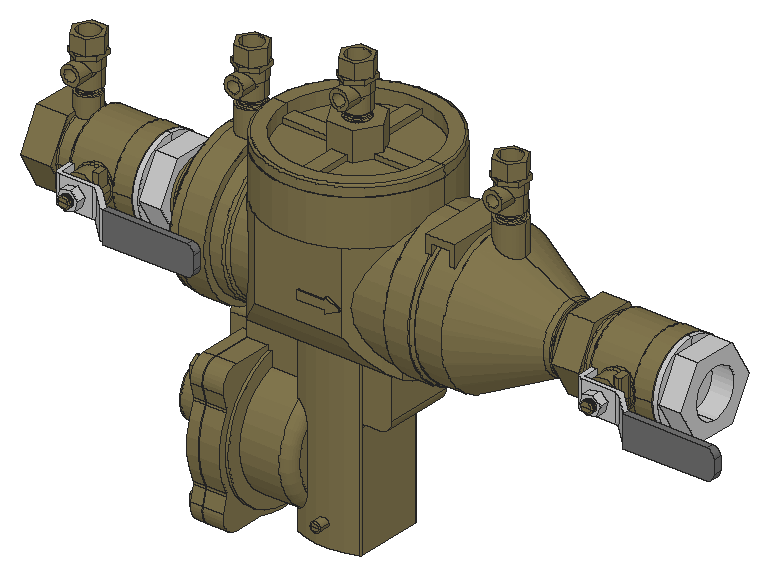
Revit family "FRP1.25-QT-LL 1.25in FRP", category Plumbing Fixtures, Revit 2018
Family settings
  Round Connector Dimension = Use Diameter
  Part Type = Normal
  Work Plane-Based = No
  Always vertical = Yes
  Cut with Voids When Loaded = No
  Shared = No
  Room Calculation Point = No
Parameters (values of type "FRP1.25-QT-LL 1.25in FRP")
  URL = "WWW.MIFAB.COM"
  Model = "FRP1.25-QT-LL 1.25in FRP"
  Manufacturer = "MIFAB"
  Description = "FRIENDLY REDUCED PRESSURE ZONE BACKFLOW 1/2” TO 2” -LL"
Reference planes (in)
  plane 1 "Center (Front/Back)": y = 0
  plane 2: z = 0
  plane 3 "Center (Left/Right)": x = 0
  plane 4: x = -2.105
  plane 5: z = 4.215
Forms (in)
  Revolve 1, solid, material "B Material"
    sketch origin (-1.59, 0, 3.15674) x (1, 0, 0) y (0, 0, 1)
      loop
        line (-4.5376, 4.275) -> (-4.22194, 4.275) -> (-4.22194, 4.78634) -> (-4.26872, 4.80245) -> (-4.30895, 4.83276) -> (-4.26595, 4.85963) -> (-4.30603, 4.88983) -> (-4.26683, 4.91068) -> (-4.26683, 4.94983)
        arc (-4.26683, 4.94983) -> (-4.26109, 4.96367) -> (-4.24724, 4.96941) r 0.01958
        line (-4.24724, 4.96941) -> (-4.20226, 4.96941) -> (-4.20226, 5.40248) -> (-4.5376, 5.40248) -> (-4.5376, 4.275)
      axis (-4.5376, 4.275) -> (-4.5376, 5.40248)
    angle from 0 to 360
  Extrusion 2, solid, material "B Material"
    sketch origin (-2.71084, -3.40993, -0.81418) x (0, -1, 0) y (1, 0, 0)
      loop
        line (-2.97692, -3.41676) -> (-3.19343, -3.04176) -> (-3.62644, -3.04176) -> (-3.84295, -3.41676) -> (-3.62644, -3.79176) -> (-3.19343, -3.79176) -> (-2.97692, -3.41676)
    from 9.64899 to 9.7671
  Extrusion 3, solid, material "B Material"
    sketch origin (-4.525, 0, 2.65879) x (1, 0, 0) y (0, 0, 1)
      loop
        circle (-1.598, 5.8905) r 0.16
      loop
        circle (-1.598, 5.8905) r 0.25
    from 0 to 0.6
  Revolve 4, solid, material "B Material"
    sketch origin (0.93299, 0, 0.25) x (1, 0, 0) y (0, 0, 1)
      loop
        line (5.88701, 6.3545) -> (-3.42499, 6.3545) -> (-3.42499, 4.46558)
        arc (-3.42499, 4.46558) -> (-3.41525, 4.44117) -> (-3.39138, 4.43016) r 0.03547
        line (-3.39138, 4.43016) -> (-3.18799, 4.4195) -> (-2.51799, 4.4195) -> (-2.51799, 4.59681) -> (-2.18879, 4.59681)
        arc (-2.18879, 4.59681) -> (-2.14596, 4.60613) -> (-2.11086, 4.63241) r 0.10309
        line (-2.11086, 4.63241) -> (-2.05692, 4.69468) -> (-1.5701, 4.69468) -> (0.32398, 4.69468) -> (0.32398, 4.5045) -> (2.10201, 4.5045) -> (2.18701, 4.4195) -> (2.79575, 4.4195)
        arc (2.79575, 4.4195) -> (2.81077, 4.42249) -> (2.82351, 4.431) r 0.03927
        line (2.82351, 4.431) -> (2.88445, 4.49194)
        arc (2.88445, 4.49194) -> (2.89836, 4.50124) -> (2.91478, 4.5045) r 0.04289
        line (2.91478, 4.5045) -> (3.59901, 4.5045) -> (5.46201, 5.4805) -> (5.63548, 5.48592) -> (5.66201, 5.50741) -> (5.66201, 5.54578) -> (5.70145, 5.52301) -> (5.74024, 5.59021) -> (5.7824, 5.52528) -> (5.82618, 5.59269) -> (5.86229, 5.52755) -> (5.88701, 5.54757) -> (5.88701, 6.3545)
      axis (-3.42499, 6.3545) -> (5.88701, 6.3545)
    angle from 0 to 360
  Revolve 5, solid, material "B Material"
    sketch origin (0.52094, 0, 2.95442) x (1, 0, 0) y (0, 0, 1)
      loop
        line (2.62181, 6.21908) -> (2.56191, 6.21908) -> (2.61506, 6.23332) -> (2.6112, 6.45411)
        arc (2.6112, 6.45411) -> (2.596, 6.4895) -> (2.56036, 6.50408) r 0.05085
        line (2.56036, 6.50408) -> (2.22181, 6.50408) -> (2.22181, 6.13408) -> (0.3661, 6.13408) -> (0.3661, 5.02437) -> (2.62181, 5.02437) -> (2.62181, 6.21908)
      axis (0.3661, 6.50408) -> (0.3661, 5.02437)
    angle from 0 to 360
  Extrusion 6, solid, material "B Material"
    sketch origin (-0.15214, -3.41032, 1.84939) x (0, -1, 0) y (1, 0, 0)
      loop
        arc (-1.56659, 0.8287) -> (-1.55469, 1.02175) -> (-1.56296, 1.215) r 1.85571
        line (-1.56296, 1.215) -> (-3.21737, 1.215) -> (-3.21737, 2.87511)
        arc (-3.21737, 2.87511) -> (-3.41068, 2.89489) -> (-3.60368, 2.87228) r 0.89068
        line (-3.60368, 2.87228) -> (-3.60368, 1.21434) -> (-5.25774, 1.21434)
        arc (-5.25774, 1.21434) -> (-5.26594, 1.02142) -> (-5.25405, 0.8287) r 1.85571
        line (-5.25405, 0.8287) -> (-3.60368, 0.8287) -> (-3.60368, -0.80642)
        arc (-3.60368, -0.80642) -> (-3.41053, -0.81653) -> (-3.21737, -0.80647) r 1.85571
        line (-3.21737, -0.80647) -> (-3.21737, 0.8287) -> (-1.56659, 0.8287)
    from 7.37052 to 7.23911
  Revolve 7, solid, material "B Material"
    sketch origin (-0.53327, 0, 2.6395) x (1, 0, 0) y (0, 0, 1)
      loop
        arc (-2.15973, 4.90142) -> (-2.1696, 4.87707) -> (-2.19364, 4.86644) r 0.035
        line (-2.19364, 4.86644) -> (-2.49612, 4.85699) -> (-2.55214, 4.80097) -> (-2.58603, 4.74226) -> (-2.62162, 4.78178) -> (-2.6524, 4.74666) -> (-2.682, 4.77953) -> (-2.71278, 4.7444) -> (-2.74238, 4.77727) -> (-2.77444, 4.73923) -> (-2.8069, 4.77528) -> (-2.85936, 4.71304) -> (-2.90562, 4.76441) -> (-2.94871, 4.71329) -> (-2.94871, 3.965) -> (-2.15654, 3.965) -> (-2.15654, 4.90142)
      axis (-2.94871, 3.965) -> (-2.15654, 3.965)
    angle from 0 to 360
  Extrusion 8, solid, material "B Material"
    sketch origin (2.385, 0, 3.609) x (1, 0, 0) y (0, 0, 1)
      loop
        arc (1.235, 4.223) -> (1.23886, 4.17689) -> (1.25032, 4.13206) r 0.27759
        arc (1.25032, 4.13206) -> (1.261, 4.1178) -> (1.27797, 4.11238) r 0.02927
        line (1.27797, 4.11238) -> (1.32914, 4.11238)
        arc (1.32914, 4.11238) -> (1.34656, 4.11795) -> (1.3575, 4.1326) r 0.02999
        arc (1.3575, 4.1326) -> (1.36712, 4.16798) -> (1.372, 4.20433) r 0.27759
        line (1.372, 4.20433) -> (1.372, 4.76148) -> (1.848, 4.76148) -> (1.848, 4.20433)
        arc (1.848, 4.20433) -> (1.85288, 4.16798) -> (1.8625, 4.1326) r 0.27759
        arc (1.8625, 4.1326) -> (1.87344, 4.11795) -> (1.89086, 4.11238) r 0.02999
        line (1.89086, 4.11238) -> (1.94611, 4.11238)
        arc (1.94611, 4.11238) -> (1.96081, 4.11771) -> (1.96865, 4.13124) r 0.02289
        arc (1.96865, 4.13124) -> (1.97323, 4.16056) -> (1.97652, 4.19006) r 0.6798
        arc (1.97652, 4.19006) -> (1.98288, 4.26287) -> (1.985, 4.33592) r 1.25932
        line (1.985, 4.33592) -> (1.985, 4.9505) -> (1.235, 4.9505) -> (1.235, 4.223)
    from -1.2 to 1.2
  Extrusion 9, solid, material "B Material"
    sketch origin (0, 0, 0) x (0, 1, 0) y (0, 0, 1)
      loop
        line (1.14998, 1.47142) -> (1.2937, 2.0078)
        arc (1.2937, 2.0078) -> (1.30008, 2.03987) -> (1.30222, 2.0725) r 0.25
        arc (1.30222, 2.0725) -> (1.25056, 2.22469) -> (1.11693, 2.31398) r 0.25
        line (1.11693, 2.31398) -> (0.58055, 2.4577)
        arc (0.58055, 2.4577) -> (0.45959, 2.51917) -> (0.33222, 2.56597) r 1.15
        arc (0.33222, 2.56597) -> (0.2283, 2.63974) -> (0.19004, 2.76132) r 0.2
        arc (0.19004, 2.76132) -> (0, 2.955) -> (-0.18996, 2.76132) r 0.19
        arc (-0.18996, 2.76132) -> (-0.2283, 2.63974) -> (-0.33222, 2.56597) r 0.2
        arc (-0.33222, 2.56597) -> (-0.45959, 2.51917) -> (-0.58055, 2.4577) r 1.15
        line (-0.58055, 2.4577) -> (-1.11693, 2.31398)
        arc (-1.11693, 2.31398) -> (-1.26873, 2.1975) -> (-1.2937, 2.0078) r 0.25
        line (-1.2937, 2.0078) -> (-1.14998, 1.47142)
        arc (-1.14998, 1.47142) -> (-0.99593, 0.89) -> (-0.56943, 0.46587) r 1.15
        line (-0.56943, 0.46587) -> (-0.17678, 0.07322)
        arc (-0.17678, 0.07322) -> (0, 0) -> (0.17678, 0.07322) r 0.25
        line (0.17678, 0.07322) -> (0.56943, 0.46587)
        arc (0.56943, 0.46587) -> (0.99593, 0.89) -> (1.14998, 1.47142) r 1.15
    from -1.989 to -1.699
  Extrusion 10, solid, material "B Material"
    sketch origin (-3.378, 0, 0) x (0, 1, 0) y (0, 0, -1)
      loop
        arc (1.14998, -1.47142) -> (0.99593, -0.89) -> (0.56943, -0.46587) r 1.15
        line (0.56943, -0.46587) -> (0.17678, -0.07322)
        arc (0.17678, -0.07322) -> (0, 0) -> (-0.17678, -0.07322) r 0.25
        line (-0.17678, -0.07322) -> (-0.56943, -0.46587)
        arc (-0.56943, -0.46587) -> (-0.99593, -0.89) -> (-1.14998, -1.47142) r 1.15
        line (-1.14998, -1.47142) -> (-1.2937, -2.0078)
        arc (-1.2937, -2.0078) -> (-1.26873, -2.1975) -> (-1.11693, -2.31398) r 0.25
        line (-1.11693, -2.31398) -> (-0.58055, -2.4577)
        arc (-0.58055, -2.4577) -> (-0.45959, -2.51917) -> (-0.33222, -2.56597) r 1.15
        arc (-0.33222, -2.56597) -> (-0.2283, -2.63974) -> (-0.18996, -2.76132) r 0.2
        arc (-0.18996, -2.76132) -> (0, -2.955) -> (0.19004, -2.76132) r 0.19
        arc (0.19004, -2.76132) -> (0.2283, -2.63974) -> (0.33222, -2.56597) r 0.2
        arc (0.33222, -2.56597) -> (0.45959, -2.51917) -> (0.58055, -2.4577) r 1.15
        line (0.58055, -2.4577) -> (1.11693, -2.31398)
        arc (1.11693, -2.31398) -> (1.25056, -2.22469) -> (1.30222, -2.0725) r 0.25
        arc (1.30222, -2.0725) -> (1.30008, -2.03987) -> (1.2937, -2.0078) r 0.25
        line (1.2937, -2.0078) -> (1.14998, -1.47142)
    from -1.98935 to -1.689
  Revolve 11, solid, material "B Material"
    sketch origin (0, 0, 0) x (1, 0, 0) y (0, 0, 1)
      loop
        line (-3.205, 2.0675) -> (-3.205, 1.39184)
        arc (-3.205, 1.39184) -> (-3.1906, 1.35665) -> (-3.15567, 1.34164) r 0.05021
        line (-3.15567, 1.34164) -> (-2.21487, 1.32522)
        arc (-2.21487, 1.32522) -> (-2.17955, 1.31004) -> (-2.165, 1.27447) r 0.05076
        line (-2.165, 1.27447) -> (-2.165, 0.48772)
        arc (-2.165, 0.48772) -> (-2.14998, 0.45147) -> (-2.11373, 0.43645) r 0.05127
        line (-2.11373, 0.43645) -> (-1.905, 0.43645) -> (-1.905, 2.0675) -> (-3.205, 2.0675)
      axis (-1.905, 2.0675) -> (-3.205, 2.0675)
    angle from 0 to 360
  Extrusion 12, solid, material "B Material"
    sketch origin (0, 0, 0) x (0, 1, 0) y (0, 0, 1)
      loop
        line (0.19, 2.33146) -> (0.19, 2.76414)
        arc (0.19, 2.76414) -> (0, 2.95414) -> (-0.19, 2.76414) r 0.19
        line (-0.19, 2.76414) -> (-0.19, 2.33175)
        arc (-0.19, 2.33175) -> (-0.18414, 2.31761) -> (-0.17, 2.31175) r 0.02
        line (-0.17, 2.31175) -> (0.17029, 2.31175)
        arc (0.17029, 2.31175) -> (0.18423, 2.31753) -> (0.19, 2.33146) r 0.01971
    from -2.214 to -1.989
  Extrusion 13, void
    sketch origin (0, 0, 0) x (1, 0, 0) y (0, 0, 1)
      loop
        line (-2.16498, 2.30688) -> (-2.22823, 2.37012) -> (-2.22823, 2.30688) -> (-2.16498, 2.30688)
    from -0.22141 to 0.2264
  Extrusion 14, solid, material "B Material"
    sketch origin (0, 0, 0) x (0, 1, 0) y (0, 0, 1)
      loop
        line (0.87239, 2.05794) -> (0.97491, 1.90948) -> (1.15475, 1.92404) -> (1.23205, 2.08706) -> (1.12953, 2.23552) -> (0.9497, 2.22096) -> (0.87239, 2.05794)
      loop
        line (-0.87562, 2.03557) -> (-0.93194, 2.20698) -> (-1.10854, 2.24391) -> (-1.22882, 2.10943) -> (-1.1725, 1.93802) -> (-0.9959, 1.90109) -> (-0.87562, 2.03557)
      loop
        line (0.18022, 0.24154) -> (0.09744, 0.40185) -> (-0.08279, 0.41031) -> (-0.18022, 0.25846) -> (-0.09744, 0.09815) -> (0.08279, 0.08969) -> (0.18022, 0.24154)
    from -2.105 to -1.989
  Revolve 15, solid, material "B Material"
    sketch origin (0, 1.05372, 0) x (1, 0, 0) y (0, 0, 1)
      loop
        line (-1.364, 2.07317) -> (-1.989, 2.07317) -> (-1.989, 1.97673) -> (-1.39602, 1.97673) -> (-1.364, 2.00875) -> (-1.364, 2.07317)
      axis (-1.989, 2.07317) -> (-1.364, 2.07317)
    angle from 0 to 360
  Revolve 16, solid, material "B Material"
    sketch origin (0, -1.05667, 0) x (1, 0, 0) y (0, 0, 1)
      loop
        line (-1.364, 2.07317) -> (-1.989, 2.07317) -> (-1.989, 1.97673) -> (-1.39602, 1.97673) -> (-1.364, 2.00875) -> (-1.364, 2.07317)
      axis (-1.989, 2.07317) -> (-1.364, 2.07317)
    angle from 0 to 360
  Revolve 17, solid, material "B Material"
    sketch origin (0, 0, -1.8224) x (1, 0, 0) y (0, 0, 1)
      loop
        line (-1.364, 2.07317) -> (-1.989, 2.07317) -> (-1.989, 1.97673) -> (-1.39602, 1.97673) -> (-1.364, 2.00875) -> (-1.364, 2.07317)
      axis (-1.989, 2.07317) -> (-1.364, 2.07317)
    angle from 0 to 360
  Revolve 18, solid, material "B Material"
    sketch origin (4.23795, 0, -0.62357) x (1, 0, 0) y (0, 0, 1)
      loop
        line (-5.19295, 4.25641) -> (-5.19295, 4.61107) -> (-5.29295, 4.61107) -> (-5.29295, 2.69107) -> (-3.85779, 2.69107) -> (-3.85779, 3.95888)
        arc (-3.85779, 3.95888) -> (-3.94494, 4.16927) -> (-4.15533, 4.25641) r 0.29753
        line (-4.15533, 4.25641) -> (-5.19295, 4.25641)
      axis (-3.85779, 2.69107) -> (-5.29295, 2.69107)
    angle from 0 to 360
  Extrusion 19, solid, material "B Material"
    sketch origin (4.23795, 0, -0.62357) x (1, 0, 0) y (0, 0, 1)
      loop
        line (-1.75795, 5.3787) -> (-2.54295, 5.3787) -> (-2.54295, 3.83307)
        arc (-2.54295, 3.83307) -> (-2.51366, 3.90378) -> (-2.44295, 3.93307) r 0.1
        line (-2.44295, 3.93307) -> (-2.07155, 3.93307)
        arc (-2.07155, 3.93307) -> (-1.8498, 4.02492) -> (-1.75795, 4.24667) r 0.3136
        line (-1.75795, 4.24667) -> (-1.75795, 5.3787)
    from -0.87239 to 0.87562
  Revolve 20, solid, material "B Material"
    sketch origin (-13.39364, -0.28125, 0.80481) x (1, 0, 0) y (0, 1, 0)
      loop
        line (14.25427, -1.09549) -> (14.35827, -1.09549)
        arc (14.35827, -1.09549) -> (14.37312, -1.08934) -> (14.37927, -1.07449) r 0.021
        line (14.37927, -1.07449) -> (14.37927, -0.79317) -> (14.25427, -0.79317) -> (14.25427, -1.09549)
      loop
        line (14.25427, 1.64201) -> (14.25427, 1.33969) -> (14.37927, 1.33969) -> (14.37927, 1.621)
        arc (14.37927, 1.621) -> (14.37312, 1.63586) -> (14.35827, 1.64201) r 0.021
        line (14.35827, 1.64201) -> (14.25427, 1.64201)
      axis (14.25427, 1.64201) -> (14.25427, -1.09549)
    angle from 0 to 360
  Extrusion 21, solid, material "B Material"
    sketch origin (4.23795, 0, -0.62357) x (1, 0, 0) y (0, 0, 1)
      loop
        line (-4.19296, 4.17214) -> (-4.19296, 5.22272) -> (-5.36189, 5.22272) -> (-5.36189, 5.63619) -> (-5.39578, 5.63619) -> (-5.47111, 5.54953)
        arc (-5.47111, 5.54953) -> (-5.48452, 5.53951) -> (-5.50088, 5.53596) r 0.03944
        line (-5.50088, 5.53596) -> (-5.84295, 5.53596) -> (-5.84295, 4.63107) -> (-5.29295, 4.63107) -> (-5.29295, 4.17214) -> (-4.19296, 4.17214)
    from -0.5 to 0.50553
  Revolve 22, solid, material "B Material"
    sketch origin (-1.59, 0, 3.15674) x (1, 0, 0) y (0, 0, 1)
      loop
        line (-4.5376, 5.40248) -> (-4.18257, 5.40248) -> (-4.18257, 5.67807) -> (-4.5376, 5.67807) -> (-4.5376, 5.40248)
      axis (-4.5376, 5.40248) -> (-4.5376, 5.67807)
    angle from 0 to 360
  Extrusion 23, solid, material "B Material"
    sketch origin (-2.71084, -3.40993, -0.81418) x (0, -1, 0) y (1, 0, 0)
      loop
        line (-3.40993, -3.00627) -> (-3.76521, -3.21139) -> (-3.76521, -3.62163) -> (-3.40993, -3.82676) -> (-3.05465, -3.62163) -> (-3.05465, -3.21139) -> (-3.40993, -3.00627)
      loop
        circle (-3.40993, -3.41651) r 0.28174
    from 9.7671 to 10.17262
  Revolve 24, solid, material "B Material"
    sketch origin (2.66736, 0, 4.38716) x (1, 0, 0) y (0, 0, 1)
      loop
        line (-4.5376, 3.86507) -> (-4.17034, 3.86507) -> (-4.17034, 4.78634) -> (-4.22194, 4.78634) -> (-4.26872, 4.80245) -> (-4.30895, 4.83276) -> (-4.26595, 4.85963) -> (-4.30603, 4.88983) -> (-4.26683, 4.91068) -> (-4.26683, 4.94983)
        arc (-4.26683, 4.94983) -> (-4.26109, 4.96367) -> (-4.24724, 4.96941) r 0.01958
        line (-4.24724, 4.96941) -> (-4.20226, 4.96941) -> (-4.20226, 5.40248) -> (-4.5376, 5.40248) -> (-4.5376, 3.86507)
      axis (-4.5376, 3.86507) -> (-4.5376, 5.40248)
    angle from 0 to 360
  Extrusion 25, solid, material "B Material"
    sketch origin (1.54651, -3.40993, 0.41624) x (0, -1, 0) y (1, 0, 0)
      loop
        line (-2.97692, -3.41676) -> (-3.19343, -3.04176) -> (-3.62644, -3.04176) -> (-3.84295, -3.41676) -> (-3.62644, -3.79176) -> (-3.19343, -3.79176) -> (-2.97692, -3.41676)
    from 9.64899 to 9.7671
  Extrusion 26, solid, material "B Material"
    sketch origin (-0.26764, 0, 3.88921) x (1, 0, 0) y (0, 0, 1)
      loop
        circle (-1.598, 5.8905) r 0.16
      loop
        circle (-1.598, 5.8905) r 0.25
    from 0 to 0.6
  Revolve 27, solid, material "B Material"
    sketch origin (2.66736, 0, 4.38716) x (1, 0, 0) y (0, 0, 1)
      loop
        line (-4.5376, 5.40248) -> (-4.18257, 5.40248) -> (-4.18257, 5.67807) -> (-4.5376, 5.67807) -> (-4.5376, 5.40248)
      axis (-4.5376, 5.40248) -> (-4.5376, 5.67807)
    angle from 0 to 360
  Extrusion 28, solid, material "B Material"
    sketch origin (1.54651, -3.40993, 0.41624) x (0, -1, 0) y (1, 0, 0)
      loop
        line (-3.40993, -3.00627) -> (-3.76521, -3.21139) -> (-3.76521, -3.62163) -> (-3.40993, -3.82676) -> (-3.05465, -3.62163) -> (-3.05465, -3.21139) -> (-3.40993, -3.00627)
      loop
        circle (-3.40993, -3.41651) r 0.28
    from 9.7671 to 10.17262
  Revolve 29, solid, material "B Material"
    sketch origin (5.41361, 0, 5.05216) x (1, 0, 0) y (0, 0, 1)
      loop
        line (-4.5376, 4.275) -> (-4.22194, 4.275) -> (-4.22194, 4.78634) -> (-4.26872, 4.80245) -> (-4.30895, 4.83276) -> (-4.26595, 4.85963) -> (-4.30603, 4.88983) -> (-4.26683, 4.91068) -> (-4.26683, 4.94983)
        arc (-4.26683, 4.94983) -> (-4.26109, 4.96367) -> (-4.24724, 4.96941) r 0.01958
        line (-4.24724, 4.96941) -> (-4.20226, 4.96941) -> (-4.20226, 5.40248) -> (-4.5376, 5.40248) -> (-4.5376, 4.275)
      axis (-4.5376, 4.275) -> (-4.5376, 5.40248)
    angle from 0 to 360
  Extrusion 30, solid, material "B Material"
    sketch origin (4.29276, -3.40993, 1.08124) x (0, -1, 0) y (1, 0, 0)
      loop
        line (-2.97692, -3.41676) -> (-3.19343, -3.04176) -> (-3.62644, -3.04176) -> (-3.84295, -3.41676) -> (-3.62644, -3.79176) -> (-3.19343, -3.79176) -> (-2.97692, -3.41676)
    from 9.64899 to 9.7671
  Extrusion 31, solid, material "B Material"
    sketch origin (2.47861, 0, 4.55421) x (1, 0, 0) y (0, 0, 1)
      loop
        circle (-1.598, 5.8905) r 0.16
      loop
        circle (-1.598, 5.8905) r 0.25
    from 0 to 0.6
  Revolve 32, solid, material "B Material"
    sketch origin (5.41361, 0, 5.05216) x (1, 0, 0) y (0, 0, 1)
      loop
        line (-4.5376, 5.40248) -> (-4.18257, 5.40248) -> (-4.18257, 5.67807) -> (-4.5376, 5.67807) -> (-4.5376, 5.40248)
      axis (-4.5376, 5.40248) -> (-4.5376, 5.67807)
    angle from 0 to 360
  Extrusion 33, solid, material "B Material"
    sketch origin (4.29276, -3.40993, 1.08124) x (0, -1, 0) y (1, 0, 0)
      loop
        line (-3.40993, -3.00627) -> (-3.76521, -3.21139) -> (-3.76521, -3.62163) -> (-3.40993, -3.82676) -> (-3.05465, -3.62163) -> (-3.05465, -3.21139) -> (-3.40993, -3.00627)
      loop
        circle (-3.40993, -3.41651) r 0.28
    from 9.7671 to 10.17262
  Revolve 34, solid, material "B Material"
    sketch origin (9.40736, 0, 4.09216) x (1, 0, 0) y (0, 0, 1)
      loop
        line (-4.5376, 3.95036) -> (-4.14286, 3.95036) -> (-4.14286, 4.78634) -> (-4.22194, 4.78634) -> (-4.26872, 4.80245) -> (-4.30895, 4.83276) -> (-4.26595, 4.85963) -> (-4.30603, 4.88983) -> (-4.26683, 4.91068) -> (-4.26683, 4.94983)
        arc (-4.26683, 4.94983) -> (-4.26109, 4.96367) -> (-4.24724, 4.96941) r 0.01958
        line (-4.24724, 4.96941) -> (-4.20226, 4.96941) -> (-4.20226, 5.40248) -> (-4.5376, 5.40248) -> (-4.5376, 3.95036)
      axis (-4.5376, 3.95036) -> (-4.5376, 5.40248)
    angle from 0 to 360
  Extrusion 35, solid, material "B Material"
    sketch origin (8.28651, -3.40993, 0.12124) x (0, -1, 0) y (1, 0, 0)
      loop
        line (-2.97692, -3.41676) -> (-3.19343, -3.04176) -> (-3.62644, -3.04176) -> (-3.84295, -3.41676) -> (-3.62644, -3.79176) -> (-3.19343, -3.79176) -> (-2.97692, -3.41676)
    from 9.64899 to 9.7671
  Extrusion 36, solid, material "B Material"
    sketch origin (6.47236, 0, 3.59421) x (1, 0, 0) y (0, 0, 1)
      loop
        circle (-1.598, 5.8905) r 0.16
      loop
        circle (-1.598, 5.8905) r 0.25
    from 0 to 0.6
  Revolve 37, solid, material "B Material"
    sketch origin (9.40736, 0, 4.09216) x (1, 0, 0) y (0, 0, 1)
      loop
        line (-4.5376, 5.40248) -> (-4.18257, 5.40248) -> (-4.18257, 5.67807) -> (-4.5376, 5.67807) -> (-4.5376, 5.40248)
      axis (-4.5376, 5.40248) -> (-4.5376, 5.67807)
    angle from 0 to 360
  Extrusion 38, solid, material "B Material"
    sketch origin (8.28651, -3.40993, 0.12124) x (0, -1, 0) y (1, 0, 0)
      loop
        line (-3.40993, -3.00627) -> (-3.76521, -3.21139) -> (-3.76521, -3.62163) -> (-3.40993, -3.82676) -> (-3.05465, -3.62163) -> (-3.05465, -3.21139) -> (-3.40993, -3.00627)
      loop
        circle (-3.40993, -3.41651) r 0.28
    from 9.7671 to 10.17262
  Extrusion 39, solid, material "B Material"
    sketch origin (0, -19.93445, -5.43334) x (1, 0, 0) y (0, 1, 0)
      loop
        line (0.20204, 19.93445) -> (0.53988, 19.34931) -> (1.21554, 19.34931) -> (1.55337, 19.93445) -> (1.21554, 20.51959) -> (0.53988, 20.51959) -> (0.20204, 19.93445)
    from 14.52184 to 15.27184
  Extrusion 40, solid, material "B Material"
    sketch origin (-7.80113, 19.47483, 0) x (0, -1, 0) y (0, 0, 1)
      loop
        line (19.42249, 4.0075) -> (17.96548, 4.0075)
        arc (17.96548, 4.0075) -> (17.61878, 3.83653) -> (17.54336, 3.45739) r 0.43701
        line (17.54336, 3.45739) -> (17.64321, 3.08473)
        arc (17.64321, 3.08473) -> (17.64606, 3.04829) -> (17.63561, 3.01326) r 0.09994
        arc (17.63561, 3.01326) -> (17.40723, 2.06674) -> (17.6363, 1.12038) r 2.0725
        arc (17.6363, 1.12038) -> (17.64635, 1.08678) -> (17.64363, 1.05181) r 0.0958
        line (17.64363, 1.05181) -> (17.54373, 0.67898)
        arc (17.54373, 0.67898) -> (17.61933, 0.2989) -> (17.96689, 0.1275) r 0.43809
        line (17.96689, 0.1275) -> (18.7473, 0.1275)
        arc (18.7473, 0.1275) -> (19.47973, -0.005) -> (20.21216, 0.1275) r 2.09061
        line (20.21216, 0.1275) -> (20.99257, 0.1275)
        arc (20.99257, 0.1275) -> (21.34013, 0.2989) -> (21.41573, 0.67898) r 0.43809
        line (21.41573, 0.67898) -> (21.31583, 1.05181)
        arc (21.31583, 1.05181) -> (21.31311, 1.08678) -> (21.32316, 1.12038) r 0.0958
        arc (21.32316, 1.12038) -> (21.55223, 2.06674) -> (21.32385, 3.01326) r 2.0725
        arc (21.32385, 3.01326) -> (21.3134, 3.04829) -> (21.31625, 3.08473) r 0.09994
        line (21.31625, 3.08473) -> (21.4161, 3.45739)
        arc (21.4161, 3.45739) -> (21.34069, 3.83653) -> (20.99399, 4.0075) r 0.43701
        line (20.99399, 4.0075) -> (19.42249, 4.0075)
    from -6.19613 to -5.89613
  Extrusion 41, solid, material "B Material"
    sketch origin (-7.80113, 19.42249, 0) x (0, -1, 0) y (0, 0, 1)
      loop
        line (21.17249, 3.71684) -> (20.92249, 3.86118) -> (20.67249, 3.71684) -> (20.67249, 3.42816) -> (20.92249, 3.28382) -> (21.17249, 3.42816) -> (21.17249, 3.71684)
      loop
        line (21.17249, 0.71684) -> (20.92249, 0.86118) -> (20.67249, 0.71684) -> (20.67249, 0.42816) -> (20.92249, 0.28382) -> (21.17249, 0.42816) -> (21.17249, 0.71684)
      loop
        line (18.17249, 0.71684) -> (17.92249, 0.86118) -> (17.67249, 0.71684) -> (17.67249, 0.42816) -> (17.92249, 0.28382) -> (18.17249, 0.42816) -> (18.17249, 0.71684)
      loop
        line (18.1574, 3.71723) -> (17.9074, 3.86157) -> (17.6574, 3.71723) -> (17.6574, 3.42856) -> (17.9074, 3.28422) -> (18.1574, 3.42856) -> (18.1574, 3.71723)
    from -5.89613 to -5.69613
  Extrusion 42, solid, material "B Material"
    sketch origin (4.59113, 19.47483, 0) x (0, -1, 0) y (0, 0, -1)
      loop
        line (19.42249, -4.0075) -> (20.99399, -4.0075)
        arc (20.99399, -4.0075) -> (21.34069, -3.83653) -> (21.4161, -3.45739) r 0.43701
        line (21.4161, -3.45739) -> (21.31625, -3.08473)
        arc (21.31625, -3.08473) -> (21.3134, -3.04829) -> (21.32385, -3.01326) r 0.09994
        arc (21.32385, -3.01326) -> (21.55223, -2.06674) -> (21.32316, -1.12038) r 2.0725
        arc (21.32316, -1.12038) -> (21.31311, -1.08678) -> (21.31583, -1.05181) r 0.0958
        line (21.31583, -1.05181) -> (21.41573, -0.67898)
        arc (21.41573, -0.67898) -> (21.34013, -0.2989) -> (20.99257, -0.1275) r 0.43809
        line (20.99257, -0.1275) -> (20.21216, -0.1275)
        arc (20.21216, -0.1275) -> (19.47973, 0.005) -> (18.7473, -0.1275) r 2.09061
        line (18.7473, -0.1275) -> (17.96689, -0.1275)
        arc (17.96689, -0.1275) -> (17.61933, -0.2989) -> (17.54373, -0.67898) r 0.43809
        line (17.54373, -0.67898) -> (17.64363, -1.05181)
        arc (17.64363, -1.05181) -> (17.64635, -1.08678) -> (17.6363, -1.12038) r 0.0958
        arc (17.6363, -1.12038) -> (17.40723, -2.06674) -> (17.63561, -3.01326) r 2.0725
        arc (17.63561, -3.01326) -> (17.64606, -3.04829) -> (17.64321, -3.08473) r 0.09994
        line (17.64321, -3.08473) -> (17.54336, -3.45739)
        arc (17.54336, -3.45739) -> (17.61878, -3.83653) -> (17.96548, -4.0075) r 0.43701
        line (17.96548, -4.0075) -> (19.42249, -4.0075)
    from -6.19613 to -5.64613
  Extrusion 43, solid, material "B Material"
    sketch origin (0, 0, 0) x (0, 1, 0) y (0, 0, 1)
      loop
        line (1.95, 5.90019) -> (1.95, 7.9788) -> (-1.95, 7.9788) -> (-1.95, 5.90019)
        arc (-1.95, 5.90019) -> (-1.21919, 4.93045) -> (-0.07085, 4.53571) r 2.075
        arc (-0.07085, 4.53571) -> (1.16114, 4.8898) -> (1.95, 5.90019) r 2.075
    from -1.12393 to 2.88999
  Extrusion 44, void
    sketch origin (0, 0, 0) x (1, 0, 0) y (0, 1, 0)
      loop
        circle (0.88704, 0) r 2.25571
      loop
        line (-1.71316, 3.18776) -> (-1.71316, -2.81224) -> (3.53684, -2.81224) -> (3.53684, 3.18776) -> (-1.71316, 3.18776)
    from 4.41339 to 12
  Extrusion 45, solid, material "B Material"
    sketch origin (0, 0, 0) x (0, 1, 0) y (0, 0, 1)
      loop
        line (1.39979, 7.41767) -> (0, 8.22584) -> (-1.39979, 7.41767) -> (-1.39979, 5.80133) -> (0, 4.99316) -> (1.39979, 5.80133) -> (1.39979, 7.41767)
    from -2.492 to -2.68981
  Extrusion 46, solid, material "B Material"
    sketch origin (0, -6.32122, -2.32671) x (0, -1, 0) y (1, 0, 0)
      loop
        arc (-5.40721, 1.66561) -> (-5.42599, 1.68703) -> (-5.45333, 1.695) r 0.05088
        line (-5.45333, 1.695) -> (-7.18904, 1.695)
        arc (-7.18904, 1.695) -> (-7.21643, 1.68701) -> (-7.23524, 1.66556) r 0.05097
        arc (-7.23524, 1.66556) -> (-7.41372, 0.85986) -> (-7.23513, 0.0542) r 1.90722
        arc (-7.23513, 0.0542) -> (-7.21647, 0.03292) -> (-7.18931, 0.025) r 0.05056
        line (-7.18931, 0.025) -> (-5.45419, 0.025)
        arc (-5.45419, 0.025) -> (-5.42611, 0.03319) -> (-5.40684, 0.05519) r 0.05223
        arc (-5.40684, 0.05519) -> (-5.22872, 0.86044) -> (-5.40721, 1.66561) r 1.90722
      loop
        line (-5.57506, 1.46) -> (-7.06737, 1.46)
        arc (-7.06737, 1.46) -> (-7.17866, 0.87335) -> (-7.07675, 0.285) r 1.67222
        line (-7.07675, 0.285) -> (-5.56568, 0.285)
        arc (-5.56568, 0.285) -> (-5.46377, 0.87335) -> (-5.57506, 1.46) r 1.67222
    from 2.56121 to 7.57671
  Extrusion 47, solid, material "B Material"
    sketch origin (0, 0, 0) x (0, 1, 0) y (0, 0, 1)
      loop
        line (-0.25, 4.2725) -> (-0.25, 3.68408)
        arc (-0.25, 3.68408) -> (0, 3.70336) -> (0.25, 3.68408) r 1.63086
        line (0.25, 3.68408) -> (0.25, 4.2725)
        arc (0.25, 4.2725) -> (0, 4.5225) -> (-0.25, 4.2725) r 0.25
    from -2.219 to -1.585
  Extrusion 48, solid, material "B Material"
    sketch origin (0.57425, 0, 2.5195) x (1, 0, 0) y (0, 0, 1)
      loop
        line (1.0565, 4.125) -> (0.3515, 4.125)
        arc (0.3515, 4.125) -> (0.33736, 4.11914) -> (0.3315, 4.105) r 0.02
        line (0.3315, 4.105) -> (0.3315, 3.925)
        arc (0.3315, 3.925) -> (0.33736, 3.91086) -> (0.3515, 3.905) r 0.02
        line (0.3515, 3.905) -> (1.0565, 3.905) -> (1.0565, 3.84323)
        arc (1.0565, 3.84323) -> (1.06585, 3.82646) -> (1.08505, 3.82559) r 0.01972
        line (1.08505, 3.82559) -> (1.42792, 3.99703)
        arc (1.42792, 3.99703) -> (1.43903, 4.015) -> (1.42792, 4.03297) r 0.02009
        line (1.42792, 4.03297) -> (1.08561, 4.20412)
        arc (1.08561, 4.20412) -> (1.06604, 4.20324) -> (1.0565, 4.18613) r 0.02011
        line (1.0565, 4.18613) -> (1.0565, 4.125)
    from 2.00621 to 1.95
  Extrusion 49, solid, material "B Material"
    sketch origin (0.57425, 0, 2.5195) x (1, 0, 0) y (0, 0, -1)
      loop
        line (1.0565, -4.125) -> (1.0565, -4.18613)
        arc (1.0565, -4.18613) -> (1.06604, -4.20324) -> (1.08561, -4.20412) r 0.02011
        line (1.08561, -4.20412) -> (1.42792, -4.03297)
        arc (1.42792, -4.03297) -> (1.43903, -4.015) -> (1.42792, -3.99703) r 0.02009
        line (1.42792, -3.99703) -> (1.08505, -3.82559)
        arc (1.08505, -3.82559) -> (1.06585, -3.82646) -> (1.0565, -3.84323) r 0.01972
        line (1.0565, -3.84323) -> (1.0565, -3.905) -> (0.3515, -3.905)
        arc (0.3515, -3.905) -> (0.33736, -3.91086) -> (0.3315, -3.925) r 0.02
        line (0.3315, -3.925) -> (0.3315, -4.105)
        arc (0.3315, -4.105) -> (0.33736, -4.11914) -> (0.3515, -4.125) r 0.02
        line (0.3515, -4.125) -> (1.0565, -4.125)
    from 2.00621 to 1.95
Cuts and joins
  joined: Revolve 1, Extrusion 2, Revolve 22
  Extrusion 13 cuts Extrusion 12
  joined: Extrusion 10, Revolve 15, Revolve 16, Revolve 17
  Extrusion 44 cuts Extrusion 8
  Extrusion 44 cuts Extrusion 19
  Extrusion 44 cuts Revolve 20
  joined: Extrusion 8, Extrusion 19, Revolve 20
  Extrusion 44 cuts Revolve 18
  Extrusion 44 cuts Extrusion 9
  Extrusion 44 cuts Extrusion 43
  joined: Revolve 4, Revolve 24, Revolve 34, Extrusion 43
  joined: Extrusion 6, Extrusion 39
Lines and regions (in)
  model lines
    curve 1: line (-2.87815, 0, 5.70779) -> (-2.87815, 0, 7.50121)
Dimensions and locks (in)
  aligned and locked: level to plane 2
Nested families (in)
  nested 1: "00_1-25 V" at (-5.31761, 0, 5.87615), type "00_1-25 V"
  nested 2: "00_1-25 R V" at (8.23165, 0, 5.87615), type "00_1-25 R V"
Connectors (in)
  piping at (10.17827, 0, 6.6045), diameter 1.25
    settings: on nested 2, index 1, connector inside diameter 609.6 mm, connector length 0.00", flow factor 0, pipe flow 0.0 L/s, pressure drop 0.0 Pa, fitting loss kfactor 0, connector angle 0.00°, fixture units 0, engagement length 0.00", angle of deflection 0.00°, flow configuration 0, flow direction 0, fitting loss method 0, system type 7, joint type 0, gender type 0, connector reference index -1, connector utility 0, adjustable connector no, is connector primary yes, connector description ""
  piping at (-7.03242, 0, 6.6045), diameter 1.25
    settings: on nested 1, index 2, connector inside diameter 609.6 mm, connector length 0.00", flow factor 0, pipe flow 0.0 L/s, pressure drop 0.0 Pa, fitting loss kfactor 0, connector angle 0.00°, fixture units 0, engagement length 0.00", angle of deflection 0.00°, flow configuration 0, flow direction 0, fitting loss method 0, system type 7, joint type 0, gender type 0, connector reference index -1, connector utility 0, adjustable connector no, is connector primary no, connector description ""
Definition of nested family "00_1-25 V"
  Parameters (values of type "00_1-25 V")
    V Material = none
    H Material = none
    B Material = none
  Reference planes (in)
    plane 1 "Center (Front/Back)": y = 0
    plane 2: z = 0
    plane 3 "Center (Left/Right)": x = 0
    plane 4: x = 1.10236
    plane 5: x = -1.10236
    plane 6: z = 1.14173
    plane 7: x = -1.24236
    plane 8: z = 1.45669
    plane 9: z = 0.72835
  Forms (in)
    Revolve 1, solid, material <- "B Material"
      sketch origin (0, -0.72835, 0.72835) x (1, 0, 0) y (0, 1, 0)
        loop
          line (1.19858, 0.72835) -> (1.19858, 1.83071) -> (0.70646, 1.83071)
          arc (0.70646, 1.83071) -> (0.69254, 1.82494) -> (0.68677, 1.81102) r 0.01969
          line (0.68677, 1.81102) -> (-0.43311, 1.81102)
          arc (-0.43311, 1.81102) -> (-0.45203, 1.80595) -> (-0.46589, 1.7921) r 0.03784
          line (-0.46589, 1.7921) -> (-0.54613, 1.65311)
          arc (-0.54613, 1.65311) -> (-0.56023, 1.63902) -> (-0.57948, 1.63386) r 0.03851
          line (-0.57948, 1.63386) -> (-0.88803, 1.63386)
          arc (-0.88803, 1.63386) -> (-0.91422, 1.64383) -> (-0.92714, 1.6687) r 0.03937
          line (-0.92714, 1.6687) -> (-0.92714, 0.72835) -> (1.19858, 0.72835)
        axis (1.19858, 0.72835) -> (-0.92714, 0.72835)
      angle from 0 to 360
    Revolve 2, solid, material <- "B Material"
      sketch origin (0.28252, -0.18765, 0.72835) x (1, 0, 0) y (0, 1, 0)
        loop
          line (-0.06819, -0.73595) -> (-0.06819, -1.34779) -> (0.36488, -1.34779) -> (0.36488, -0.93362)
          arc (0.36488, -0.93362) -> (0.37646, -0.90605) -> (0.40425, -0.89501) r 0.03862
          line (0.40425, -0.89501) -> (0.40425, -0.73595) -> (-0.06819, -0.73595)
        axis (-0.06819, -0.73595) -> (-0.06819, -1.34779)
      angle from 0 to 360
    Extrusion 3, solid, material <- "B Material"
      sketch origin (0.46411, -0.60655, 0) x (1, 0, 0) y (0, 1, 0)
        loop
          line (0.02581, -0.88951) -> (0.18329, -0.88951) -> (0.18329, -0.61392) -> (0.02581, -0.61392) -> (0.02581, -0.88951)
      from 0.92673 to 1.29331
    Revolve 4, solid, material <- "H Material"
      sketch origin (1.92472, 0, 0) x (-1, 0, 0) y (0, 0, 1)
        loop
          line (0.72614, 0.72835) -> (0.72614, 1.83071) -> (0.56866, 1.83071) -> (0.56866, 0.72835) -> (0.72614, 0.72835)
        axis (0.72614, 0.72835) -> (0.56866, 0.72835)
      angle from 0 to 360
    Extrusion 5, solid, material <- "B Material"
      sketch origin (-1.90598, 19.84019, 0) x (0, -1, 0) y (0, 0, 1)
        loop
          line (19.29375, 1.67482) -> (18.74789, 0.72937) -> (19.29373, -0.21812) -> (20.38664, -0.21812) -> (20.93308, 0.72835) -> (20.38664, 1.67482) -> (19.29375, 1.67482)
        loop
          circle (19.84019, 0.72835) r 0.63
      from -0.97884 to -0.19118
    Extrusion 6, solid, material <- "H Material"
      sketch origin (1.90598, 19.84019, 0) x (0, -1, 0) y (0, 0, -1)
        loop
          line (19.29375, -1.67482) -> (20.38664, -1.67482) -> (20.93308, -0.72835) -> (20.38664, 0.21812) -> (19.29373, 0.21812) -> (18.74789, -0.72937) -> (19.29375, -1.67482)
        loop
          circle (19.84019, -0.72835) r 0.63
      from -0.54992 to 0.04063
    Extrusion 7, solid, material <- "V Material"
      sketch origin (1.97294, -0.33393, 0.19318) x (1, 0, 0) y (0, 0, 1)
        loop
          arc (1.88312, 0.71458) -> (1.82646, 0.85261) -> (1.68916, 0.91102) r 0.19645
          line (1.68916, 0.91102) -> (-0.49597, 0.93872) -> (-0.49597, 0.13219) -> (1.68739, 0.1593)
          arc (1.68739, 0.1593) -> (1.82594, 0.2182) -> (1.88312, 0.35747) r 0.19819
          line (1.88312, 0.35747) -> (1.88312, 0.71458)
      from 1.8708 to 2.06511
    Extrusion 8, solid, material <- "H Material"
      sketch origin (0.98741, 6.11519, 0.47153) x (1, 0, 0) y (0, 1, 0)
        loop
          line (-0.30431, -7.72936) -> (-1.17147, -7.72936)
          arc (-1.17147, -7.72936) -> (-1.19599, -7.7192) -> (-1.20615, -7.69468) r 0.03468
          line (-1.20615, -7.69468) -> (-1.20615, -7.33476) -> (-1.32426, -7.33476) -> (-1.32426, -7.69299)
          arc (-1.32426, -7.69299) -> (-1.27901, -7.80223) -> (-1.16978, -7.84747) r 0.15448
          line (-1.16978, -7.84747) -> (-0.32421, -7.84747)
          arc (-0.32421, -7.84747) -> (-0.23851, -7.86452) -> (-0.16585, -7.91307) r 0.22395
          line (-0.16585, -7.91307) -> (0.31972, -8.39864)
          arc (0.31972, -8.39864) -> (0.40083, -8.45284) -> (0.4965, -8.47187) r 0.25
          line (0.4965, -8.47187) -> (1.10614, -8.47187) -> (1.10614, -8.35455) -> (0.51529, -8.35455)
          arc (0.51529, -8.35455) -> (0.4482, -8.34121) -> (0.39132, -8.3032) r 0.17533
          line (0.39132, -8.3032) -> (-0.09641, -7.81548)
          arc (-0.09641, -7.81548) -> (-0.19179, -7.75174) -> (-0.30431, -7.72936) r 0.29402
      from -0.11076 to 0.62439
    Revolve 9, solid, material <- "B Material"
      sketch origin (0.24315, -0.62992, 0.72783) x (1, 0, 0) y (0, 1, 0)
        loop
          line (-0.02882, -1.47638) -> (0.09906, -1.47638) -> (0.12264, -1.4528) -> (0.08527, -1.43538) -> (0.12673, -1.41604) -> (0.08552, -1.39682) -> (0.12673, -1.38182) -> (0.08552, -1.3626) -> (0.12673, -1.3476) -> (0.08552, -1.32838) -> (0.12501, -1.31401) -> (-0.02882, -1.31401) -> (-0.02882, -1.47638)
        axis (-0.02882, -1.31401) -> (-0.02882, -1.47638)
      angle from 0 to 360
    Extrusion 10, solid, material <- "B Material"
      sketch origin (1.40496, -0.59233, 0) x (1, 0, 0) y (0, 1, 0)
        loop
          line (-1.74181, -0.90374) -> (-1.74181, -0.66711) -> (-1.85992, -0.70689) -> (-1.85992, -0.90374) -> (-1.74181, -0.90374)
      from 0.57677 to 0.92673
    Extrusion 11, solid, material <- "H Material"
      sketch origin (0.07449, 0, 0.17051) x (0.956305, 0, -0.292372) y (0.292372, 0, 0.956305)
        loop
          arc (0.13905, 0.57529) -> (-0.04536, 0.74234) -> (-0.19343, 0.54236) r 0.16787
          arc (-0.19343, 0.54236) -> (-0.01228, 0.40823) -> (0.13905, 0.57529) r 0.16787
        loop
          line (-0.26613, 0.71105) -> (-0.26613, 0.43891) -> (-0.03045, 0.30158) -> (0.20631, 0.43702) -> (0.2074, 0.70979) -> (-0.02828, 0.84711) -> (-0.26613, 0.71105)
      from 1.73228 to 1.9685
    Extrusion 12, solid, material <- "B Material"
      sketch origin (0.24315, -0.11841, 0.15748) x (1, 0, 0) y (0, 0, 1)
        loop
          line (-0.18354, 0.30351) -> (0.1259, 0.30351) -> (0.28062, 0.57529) -> (0.1259, 0.84326) -> (-0.18354, 0.84326) -> (-0.33825, 0.57529) -> (-0.18354, 0.30351)
        loop
          arc (-0.02882, 0.76945) -> (-0.22208, 0.55652) -> (0.00853, 0.38475) r 0.19417
          arc (0.00853, 0.38475) -> (0.16444, 0.59405) -> (-0.02882, 0.76945) r 0.19417
      from 1.41703 to 1.49577
  Dimensions and locks (in)
    equal spacing: plane 8, plane 9, level
    aligned and locked: level to plane 2
  Automatic sketch dimensions
    plane 3 "Center (Left/Right)" to Extrusion 3 sketch curve = 0.48992"
    Extrusion 3 sketch curve to Extrusion 3 sketch curve = 0.15748"
    plane 1 "Center (Front/Back)" to Extrusion 3 sketch curve = 1.49606"
    Extrusion 3 sketch curve to Extrusion 3 sketch curve = 0.27559"
    Revolve 4 sketch curve to plane 9 = 0.00"  (x2)
    Revolve 4 sketch curve to plane 4 = 0.2537"
    Revolve 4 sketch curve to plane 4 = 0.09622"
    plane 8 to Revolve 4 sketch curve = 0.37402"
    Revolve 4 sketch curve to Revolve 4 sketch curve = 1.15921"
    Revolve 4 sketch curve to Revolve 4 sketch curve = 0.08313"
    Extrusion 5 sketch curve to Extrusion 5 sketch curve = 0.00"  (x2)
    Extrusion 5 sketch curve to plane 1 "Center (Front/Back)" = 0.00"
    Extrusion 5 sketch curve to plane 9 = 0.00"  (x2)
    Extrusion 5 sketch curve to plane 8 = 0.21812"
    Extrusion 5 sketch curve to plane 1 "Center (Front/Back)" = 0.54644"
    Extrusion 5 sketch curve to level = 0.21812"
    Extrusion 5 sketch curve to plane 1 "Center (Front/Back)" = 0.54646"
    plane 9 to Extrusion 5 sketch curve = 0.00102"
    Extrusion 5 sketch curve to Extrusion 5 sketch curve = 0.54586"
    plane 1 "Center (Front/Back)" to Extrusion 5 sketch curve = 0.54644"  (x2)
    Extrusion 5 sketch curve to Extrusion 5 sketch curve = 0.54644"
    level to Extrusion 5 sketch curve = 0.09835"
    Extrusion 6 sketch curve to Extrusion 6 sketch curve = 0.00"  (x2)
    Extrusion 6 sketch curve to plane 1 "Center (Front/Back)" = 0.00"
    Extrusion 6 sketch curve to plane 9 = 0.00"  (x2)
    Extrusion 6 sketch curve to plane 8 = 0.21812"
    Extrusion 6 sketch curve to plane 1 "Center (Front/Back)" = 0.54644"
    Extrusion 6 sketch curve to level = 0.21812"
    Extrusion 6 sketch curve to plane 1 "Center (Front/Back)" = 0.54646"
    plane 9 to Extrusion 6 sketch curve = 0.00102"
    Extrusion 6 sketch curve to Extrusion 6 sketch curve = 0.54586"
    plane 1 "Center (Front/Back)" to Extrusion 6 sketch curve = 0.54644"  (x2)
    Extrusion 6 sketch curve to Extrusion 6 sketch curve = 0.54644"
    plane 8 to Extrusion 6 sketch curve = 0.09835"
    plane 4 to Extrusion 7 sketch curve = 0.37461"
    Extrusion 7 sketch curve to plane 9 = 0.17769"
    Extrusion 7 sketch curve to Extrusion 7 sketch curve = 2.1809"
    Extrusion 7 sketch curve to Extrusion 7 sketch curve = 0.00174"
    level to Extrusion 7 sketch curve = 0.35247"
    Extrusion 7 sketch curve to Extrusion 7 sketch curve = 0.00246"
    plane 6 to Extrusion 7 sketch curve = 0.03754"
    Extrusion 7 sketch curve to Extrusion 7 sketch curve = 0.00249"
    level to Extrusion 7 sketch curve = 0.32537"
    plane 6 to Extrusion 7 sketch curve = 0.00983"
    Extrusion 8 sketch curve to plane 3 "Center (Left/Right)" = 0.33685"
    Extrusion 8 sketch curve to Extrusion 8 sketch curve = 0.11811"
    Extrusion 8 sketch curve to Extrusion 8 sketch curve = 0.03468"
    Extrusion 8 sketch curve to Extrusion 8 sketch curve = 0.00169"
    Extrusion 8 sketch curve to plane 4 = 0.43917"
    Extrusion 8 sketch curve to Extrusion 8 sketch curve = 0.0199"
    Extrusion 8 sketch curve to Extrusion 8 sketch curve = 0.15836"
    Extrusion 8 sketch curve to Extrusion 8 sketch curve = 0.06944"
    plane 4 to Extrusion 8 sketch curve = 0.20477"
    Extrusion 8 sketch curve to Extrusion 8 sketch curve = 0.07159"
    Extrusion 8 sketch curve to Extrusion 8 sketch curve = 0.10518"
    Extrusion 8 sketch curve to Extrusion 8 sketch curve = 0.01879"
    Extrusion 8 sketch curve to Extrusion 8 sketch curve = 0.59084"
    plane 1 "Center (Front/Back)" to Extrusion 8 sketch curve = 2.35668"
    Extrusion 8 sketch curve to Extrusion 8 sketch curve = 0.07322"
    Extrusion 8 sketch curve to Extrusion 8 sketch curve = 0.11731"
    Extrusion 8 sketch curve to Extrusion 8 sketch curve = 0.09544"
    Extrusion 8 sketch curve to Extrusion 8 sketch curve = 0.32722"
    Extrusion 8 sketch curve to Extrusion 8 sketch curve = 0.04805"
    Extrusion 8 sketch curve to Extrusion 8 sketch curve = 0.11031"
    Extrusion 8 sketch curve to Extrusion 8 sketch curve = 0.09759"
    Extrusion 8 sketch curve to Extrusion 8 sketch curve = 0.35823"
    plane 3 "Center (Left/Right)" to Revolve 9 sketch curve = 0.21433"
    Revolve 9 sketch curve to Revolve 9 sketch curve = 0.11409"
    Revolve 9 sketch curve to Revolve 9 sketch curve = 0.00024"
    Revolve 9 sketch curve to Revolve 9 sketch curve = 0.00"  (x5)
    Revolve 9 sketch curve to Revolve 9 sketch curve = 0.01379"
    Revolve 9 sketch curve to Revolve 9 sketch curve = 0.02358"  (x2)
    Revolve 9 sketch curve to Revolve 9 sketch curve = 0.03949"
    Revolve 9 sketch curve to Revolve 9 sketch curve = 0.00409"
    Revolve 9 sketch curve to Revolve 9 sketch curve = 0.00172"
    plane 1 "Center (Front/Back)" to Revolve 9 sketch curve = 2.1063"
    Revolve 9 sketch curve to Revolve 9 sketch curve = 0.01742"
    Revolve 9 sketch curve to Revolve 9 sketch curve = 0.03676"
    Revolve 9 sketch curve to Revolve 9 sketch curve = 0.03855"
    Revolve 9 sketch curve to Revolve 9 sketch curve = 0.03422"  (x4)
    Revolve 9 sketch curve to Revolve 9 sketch curve = 0.01437"
    Revolve 9 sketch curve to Revolve 9 sketch curve = 0.08721"
    Extrusion 10 sketch curve to plane 3 "Center (Left/Right)" = 0.45496"
    Extrusion 10 sketch curve to Extrusion 10 sketch curve = 0.11811"
    plane 1 "Center (Front/Back)" to Extrusion 10 sketch curve = 1.49606"
    Extrusion 10 sketch curve to Extrusion 10 sketch curve = 0.19685"
    Extrusion 10 sketch curve to Extrusion 10 sketch curve = 0.03977"
    Extrusion 11 sketch curve to Extrusion 11 sketch curve = 0.00"  (x2)
    plane 3 "Center (Left/Right)" to Extrusion 11 sketch curve = 0.02788"
    plane 9 to Extrusion 11 sketch curve = 0.19995"
    Extrusion 11 sketch curve to Extrusion 11 sketch curve = 0.23568"
    Extrusion 11 sketch curve to Extrusion 11 sketch curve = 0.23731"
    Extrusion 11 sketch curve to Extrusion 11 sketch curve = 0.00054"
    Extrusion 11 sketch curve to Extrusion 11 sketch curve = 0.23676"
    Extrusion 11 sketch curve to Extrusion 11 sketch curve = 0.23622"
    Extrusion 11 sketch curve to Extrusion 11 sketch curve = 0.00126"
    Extrusion 11 sketch curve to Extrusion 11 sketch curve = 0.1345"
    Extrusion 11 sketch curve to Extrusion 11 sketch curve = 0.27214"
    Extrusion 11 sketch curve to Extrusion 11 sketch curve = 0.13826"
    Extrusion 11 sketch curve to Extrusion 11 sketch curve = 0.13732"
    Extrusion 11 sketch curve to Extrusion 11 sketch curve = 0.27182"
    Extrusion 11 sketch curve to Extrusion 11 sketch curve = 0.0727"
    Extrusion 11 sketch curve to Extrusion 11 sketch curve = 0.06835"
    Extrusion 12 sketch curve to Extrusion 12 sketch curve = 0.00"  (x2)
    plane 9 to Extrusion 12 sketch curve = 0.00442"  (x3)
    Extrusion 12 sketch curve to plane 3 "Center (Left/Right)" = 0.0951"
    plane 3 "Center (Left/Right)" to Extrusion 12 sketch curve = 0.05961"  (x2)
    plane 3 "Center (Left/Right)" to Extrusion 12 sketch curve = 0.21433"
    Extrusion 12 sketch curve to Extrusion 12 sketch curve = 0.15472"
    Extrusion 12 sketch curve to Extrusion 12 sketch curve = 0.30944"  (x2)
    Extrusion 12 sketch curve to plane 9 = 0.26736"
    plane 6 to Extrusion 12 sketch curve = 0.14099"
    Extrusion 12 sketch curve to Extrusion 12 sketch curve = 0.11737"
    Extrusion 12 sketch curve to Extrusion 12 sketch curve = 0.08124"
    plane 3 "Center (Left/Right)" to Revolve 2 sketch curve = 0.21433"  (x2)
    Revolve 2 sketch curve to Revolve 2 sketch curve = 0.43307"
    Revolve 2 sketch curve to Revolve 2 sketch curve = 0.03862"
    plane 1 "Center (Front/Back)" to Revolve 2 sketch curve = 1.53543"
    Revolve 2 sketch curve to Revolve 2 sketch curve = 0.41417"
    Revolve 2 sketch curve to Revolve 2 sketch curve = 0.19767"
    Revolve 2 sketch curve to Revolve 2 sketch curve = 0.00075"
    Revolve 2 sketch curve to Revolve 2 sketch curve = 0.27272"
    Revolve 2 sketch curve to Revolve 2 sketch curve = 0.05776"
    plane 1 "Center (Front/Back)" to Revolve 1 sketch curve = 0.00"  (x2)
    Revolve 1 sketch curve to plane 5 = 0.17522"
    Revolve 1 sketch curve to Revolve 1 sketch curve = 0.03911"
    Revolve 1 sketch curve to Revolve 1 sketch curve = 0.30855"
    Revolve 1 sketch curve to Revolve 1 sketch curve = 0.03335"
    Revolve 1 sketch curve to Revolve 1 sketch curve = 0.08025"
    Revolve 1 sketch curve to Revolve 1 sketch curve = 0.03277"
    Revolve 1 sketch curve to plane 4 = 0.41559"
    Revolve 1 sketch curve to Revolve 1 sketch curve = 0.01969"
    plane 4 to Revolve 1 sketch curve = 0.09622"
    Revolve 1 sketch curve to plane 1 "Center (Front/Back)" = 0.90551"
    Revolve 1 sketch curve to Revolve 1 sketch curve = 0.01925"
    Revolve 1 sketch curve to Revolve 1 sketch curve = 0.03485"
    Revolve 1 sketch curve to Revolve 1 sketch curve = 0.12007"
    Revolve 1 sketch curve to Revolve 1 sketch curve = 0.01892"
    Revolve 1 sketch curve to Revolve 1 sketch curve = 0.02884"
    Revolve 1 sketch curve to Revolve 1 sketch curve = 0.16914"
Definition of nested family "00_1-25 R V"
  Parameters (values of type "00_1-25 R V")
    V Material = none
    H Material = none
    B Material = none
  Reference planes (in)
    plane 1 "Center (Front/Back)": y = 0
    plane 2: z = 0
    plane 3 "Center (Left/Right)": x = 0
    plane 4: x = 1.10236
    plane 5: x = -1.10236
    plane 6: z = 1.14173
    plane 7: x = -1.24236
    plane 8: z = 1.45669
    plane 9: z = 0.72835
  Forms (in)
    Revolve 1, solid, material <- "B Material"
      sketch origin (0, -0.72835, 0.72835) x (1, 0, 0) y (0, 1, 0)
        loop
          line (1.19858, 0.72835) -> (1.19858, 1.83071) -> (0.70646, 1.83071)
          arc (0.70646, 1.83071) -> (0.69254, 1.82494) -> (0.68677, 1.81102) r 0.01969
          line (0.68677, 1.81102) -> (-0.43311, 1.81102)
          arc (-0.43311, 1.81102) -> (-0.45203, 1.80595) -> (-0.46589, 1.7921) r 0.03784
          line (-0.46589, 1.7921) -> (-0.54613, 1.65311)
          arc (-0.54613, 1.65311) -> (-0.56023, 1.63902) -> (-0.57948, 1.63386) r 0.03851
          line (-0.57948, 1.63386) -> (-0.69144, 1.63386)
          arc (-0.69144, 1.63386) -> (-0.71763, 1.64383) -> (-0.73055, 1.6687) r 0.03937
          line (-0.73055, 1.6687) -> (-0.73055, 0.72835) -> (1.19858, 0.72835)
        axis (1.19858, 0.72835) -> (-0.73055, 0.72835)
      angle from 0 to 360
    Revolve 2, solid, material <- "B Material"
      sketch origin (0.34502, -0.18765, 0.72835) x (1, 0, 0) y (0, 1, 0)
        loop
          line (-0.06819, -0.73595) -> (-0.06819, -1.34779) -> (0.36488, -1.34779) -> (0.36488, -0.93362)
          arc (0.36488, -0.93362) -> (0.37646, -0.90605) -> (0.40425, -0.89501) r 0.03862
          line (0.40425, -0.89501) -> (0.40425, -0.73595) -> (-0.06819, -0.73595)
        axis (-0.06819, -0.73595) -> (-0.06819, -1.34779)
      angle from 0 to 360
    Extrusion 3, solid, material <- "B Material"
      sketch origin (0.46411, -0.60655, 0) x (1, 0, 0) y (0, 1, 0)
        loop
          line (0.09431, -0.90715) -> (0.2077, -0.90715)
          arc (0.2077, -0.90715) -> (0.2322, -0.897) -> (0.24235, -0.87251) r 0.03465
          line (0.24235, -0.87251) -> (0.24235, -0.63159)
          arc (0.24235, -0.63159) -> (0.23081, -0.60373) -> (0.20295, -0.59219) r 0.0394
          line (0.20295, -0.59219) -> (0.09323, -0.59219)
          arc (0.09323, -0.59219) -> (0.06553, -0.60367) -> (0.05406, -0.63137) r 0.03918
          line (0.05406, -0.63137) -> (0.05406, -0.8669)
          arc (0.05406, -0.8669) -> (0.06585, -0.89536) -> (0.09431, -0.90715) r 0.04025
      from 0.57677 to 1.29331
    Revolve 4, solid, material <- "H Material"
      sketch origin (1.92472, 0, 0) x (-1, 0, 0) y (0, 0, 1)
        loop
          line (0.72614, 0.72835) -> (0.72614, 1.83071) -> (0.56866, 1.83071) -> (0.56866, 0.72835) -> (0.72614, 0.72835)
        axis (0.72614, 0.72835) -> (0.56866, 0.72835)
      angle from 0 to 360
    Extrusion 5, solid, material <- "B Material"
      sketch origin (-1.90598, 19.84019, 0) x (0, -1, 0) y (0, 0, 1)
        loop
          line (19.29375, 1.67482) -> (18.74789, 0.72937) -> (19.29373, -0.21812) -> (20.38664, -0.21812) -> (20.93308, 0.72835) -> (20.38664, 1.67482) -> (19.29375, 1.67482)
        loop
          circle (19.84019, 0.72835) r 0.63
      from -1.17543 to -0.49433
    Extrusion 6, solid, material <- "H Material"
      sketch origin (1.90598, 19.84019, 0) x (0, -1, 0) y (0, 0, -1)
        loop
          line (19.29375, -1.67482) -> (20.38664, -1.67482) -> (20.93308, -0.72835) -> (20.38664, 0.21812) -> (19.29373, 0.21812) -> (18.74789, -0.72937) -> (19.29375, -1.67482)
        loop
          circle (19.84019, -0.72835) r 0.63
      from -0.54992 to 0.04063
    Extrusion 7, solid, material <- "V Material"
      sketch origin (1.97294, -0.33393, 0.19318) x (1, 0, 0) y (0, 0, 1)
        loop
          arc (1.88312, 0.71458) -> (1.82646, 0.85261) -> (1.68916, 0.91102) r 0.19645
          line (1.68916, 0.91102) -> (-0.49597, 0.93872) -> (-0.49597, 0.13219) -> (1.68739, 0.1593)
          arc (1.68739, 0.1593) -> (1.82594, 0.2182) -> (1.88312, 0.35747) r 0.19819
          line (1.88312, 0.35747) -> (1.88312, 0.71458)
      from 1.8708 to 2.06511
    Extrusion 8, solid, material <- "H Material"
      sketch origin (0.98741, 6.11519, 0.47153) x (1, 0, 0) y (0, 1, 0)
        loop
          line (-0.24525, -7.72936) -> (-1.11241, -7.72936)
          arc (-1.11241, -7.72936) -> (-1.13693, -7.7192) -> (-1.14709, -7.69468) r 0.03468
          line (-1.14709, -7.69468) -> (-1.14709, -7.33476) -> (-1.2652, -7.33476) -> (-1.2652, -7.69299)
          arc (-1.2652, -7.69299) -> (-1.21995, -7.80223) -> (-1.11072, -7.84747) r 0.15448
          line (-1.11072, -7.84747) -> (-0.26516, -7.84747)
          arc (-0.26516, -7.84747) -> (-0.17945, -7.86452) -> (-0.1068, -7.91307) r 0.22395
          line (-0.1068, -7.91307) -> (0.37878, -8.39864)
          arc (0.37878, -8.39864) -> (0.45989, -8.45284) -> (0.55556, -8.47187) r 0.25
          line (0.55556, -8.47187) -> (1.16519, -8.47187) -> (1.16519, -8.35455) -> (0.57435, -8.35455)
          arc (0.57435, -8.35455) -> (0.50725, -8.34121) -> (0.45037, -8.3032) r 0.17533
          line (0.45037, -8.3032) -> (-0.03735, -7.81548)
          arc (-0.03735, -7.81548) -> (-0.13274, -7.75174) -> (-0.24525, -7.72936) r 0.29402
      from -0.11076 to 0.62439
    Revolve 9, solid, material <- "B Material"
      sketch origin (0.30565, -0.62992, 0.72783) x (1, 0, 0) y (0, 1, 0)
        loop
          line (-0.02882, -1.47638) -> (0.09906, -1.47638) -> (0.12264, -1.4528) -> (0.08527, -1.43538) -> (0.12673, -1.41604) -> (0.08552, -1.39682) -> (0.12673, -1.38182) -> (0.08552, -1.3626) -> (0.12673, -1.3476) -> (0.08552, -1.32838) -> (0.12501, -1.31401) -> (-0.02882, -1.31401) -> (-0.02882, -1.47638)
        axis (-0.02882, -1.31401) -> (-0.02882, -1.47638)
      angle from 0 to 360
    Extrusion 10, solid, material <- "B Material"
      sketch origin (1.40496, -0.59233, 0) x (1, 0, 0) y (0, 1, 0)
        loop
          line (-1.68275, -0.90169) -> (-1.68275, -0.65179) -> (-1.78369, -0.69724)
          arc (-1.78369, -0.69724) -> (-1.7962, -0.70799) -> (-1.80086, -0.72381) r 0.02913
          line (-1.80086, -0.72381) -> (-1.80086, -0.88201)
          arc (-1.80086, -0.88201) -> (-1.7951, -0.89593) -> (-1.78118, -0.90169) r 0.01969
          line (-1.78118, -0.90169) -> (-1.68275, -0.90169)
      from 0.57677 to 0.92673
    Extrusion 11, solid, material <- "H Material"
      sketch origin (0.13699, 0, 0.17051) x (0.956305, 0, -0.292372) y (0.292372, 0, 0.956305)
        loop
          arc (0.13905, 0.57529) -> (-0.04536, 0.74234) -> (-0.19343, 0.54236) r 0.16787
          arc (-0.19343, 0.54236) -> (-0.01228, 0.40823) -> (0.13905, 0.57529) r 0.16787
        loop
          line (-0.26613, 0.71105) -> (-0.26613, 0.43891) -> (-0.03045, 0.30158) -> (0.20631, 0.43702) -> (0.2074, 0.70979) -> (-0.02828, 0.84711) -> (-0.26613, 0.71105)
      from 1.73228 to 1.9685
    Extrusion 12, solid, material <- "B Material"
      sketch origin (0.29784, -0.11841, 0.15748) x (1, 0, 0) y (0, 0, 1)
        loop
          line (-0.18354, 0.30351) -> (0.1259, 0.30351) -> (0.28062, 0.57529) -> (0.1259, 0.84326) -> (-0.18354, 0.84326) -> (-0.33825, 0.57529) -> (-0.18354, 0.30351)
        loop
          arc (-0.02882, 0.76945) -> (-0.22208, 0.55652) -> (0.00853, 0.38475) r 0.19417
          arc (0.00853, 0.38475) -> (0.16444, 0.59405) -> (-0.02882, 0.76945) r 0.19417
      from 1.41703 to 1.49577
  Dimensions and locks (in)
    equal spacing: plane 8, plane 9, level
    aligned and locked: level to plane 2
  Automatic sketch dimensions
    Revolve 4 sketch curve to plane 9 = 0.00"  (x2)
